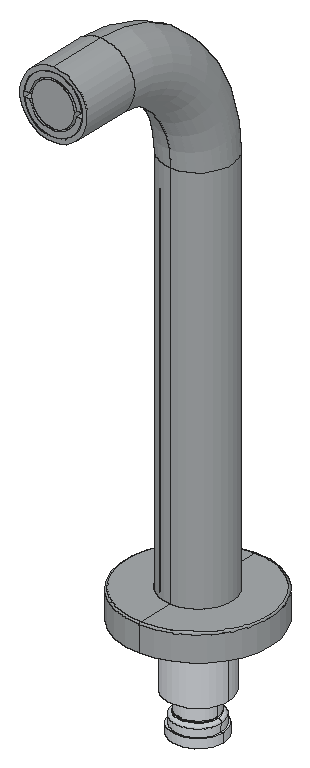
Revit family "Reece_Tap_Sussex_Scala_Curved_Wall Basin Outlet_25 mm", category Plumbing Fixtures, host Face, Revit 2018
Family settings
  Host = Face
  Round Connector Dimension = Use Diameter
  Part Type = Normal
  Cut with Voids When Loaded = No
  Shared = Yes
  Room Calculation Point = Yes
Parameters (values of type "200 mm_6 Star_Brushed Stainless Steel")
  URL = "https://www.reece.com.au/product/-2284798"
  Type Comments = "Tap"
  Reece_Product_Web Page = "https://www.reece.com.au/product/-2284798"
  Reece_Product_Type = "Tap"  # constant formula
  Reece_Product_Sub Brand = "Scala"  # constant formula
  Reece_Product_Number = "2284798"
  Reece_Product_Mount = "Wall Mounted"
  Reece_Product_Description = "Sussex Scala 25mm Wall Outlet Curved 200mm 316 Stainless Steel (6 Star)"
  WFU = 0  # constant formula
  Reece_Tap_Reach = 200 mm
  Reece_Tap_Inlet = 12 mm  # constant formula
  Reece_Tap_Clearance = 67 mm  # constant formula
  Reece_Product_Brand = "Sussex"  # constant formula
  Reece_Overall_Length = Reece_Tap_Reach + 12.5 mm  # 212.5 mm
  Reece_Overall_Diameter = 54 mm  # constant formula
  Reece_Material_Main = Reece_Metal_Brushed Stainless Steel
  Reece_Detail_Shape = "Curved"  # constant formula
  Reece_Detail_Disclaimer = "THIS FILE IS THE PROPERTY OF THE REECE GROUP. IT MAY NOT BE REPRODUCED, REVERSE-ENGINEERED OR MODIFIED. ANY REPUBLICATION, TRANSMISSION OR DISTRIBUTION FOR THE PURPOSE OF COMMERCIALLY EXPLOITING THE FILES IS PROHIBITED."  # constant formula
  Reece_Detail_Additional = "Wall Basin Outlet"  # constant formula
  Reece_Backplate_Thickness = 10 mm  # constant formula
  Model = "Scala"
  Manufacturer = "Sussex"
  Keynote = "Product #2284798, Reece_Tap_Sussex_Scala_Curved_Wall Basin Outlet_25 mm - 200 mm_6 Star_Brushed Stainless Steel"
  HWFU = 0  # constant formula
  Disclaimer = "THIS FILE IS THE PROPERTY OF THE REECE GROUP. IT MAY NOT BE REPRODUCED, REVERSE-ENGINEERED OR MODIFIED. ANY REPUBLICATION, TRANSMISSION OR DISTRIBUTION FOR THE PURPOSE OF COMMERCIALLY EXPLOITING THE FILES IS PROHIBITED."  # constant formula
  Description = "Scala 25mm Wall Outlet Curved 200mm 316 Stainless Steel (6 Star)"
  Default Elevation = 1000 mm
  CWFU = 0  # constant formula
Types (36, lengths in mm): name | URL | Reece_Product_Web Page | Reece_Product_Number | Reece_Product_Description | Reece_Tap_Reach | Reece_Overall_Length | Reece_Material_Main | Keynote | Description
  160 mm_6 Star_Brushed Stainless Steel | "https://www.reece.com.au/product/-2284797" | "https://www.reece.com.au/product/-2284797" | "2284797" | "Sussex Scala 25mm Wall Outlet Curved 160mm 316 Stainless Steel (6 Star)" | 160 | 172.5 | Reece_Brass_Brushed Stainless Steel | "Product #2284797, Reece_Tap_Sussex_Scala_Curved_Wall Basin Outlet_25 mm - 160 mm_6 Star_Brushed Stainless Steel" | "Scala 25mm Wall Outlet Curved 160mm 316 Stainless Steel (6 Star)"
  200 mm_6 Star_Brushed Stainless Steel | "https://www.reece.com.au/product/-2284798" | "https://www.reece.com.au/product/-2284798" | "2284798" | "Sussex Scala 25mm Wall Outlet Curved 200mm 316 Stainless Steel (6 Star)" | 200 | 212.5 | Reece_Metal_Brushed Stainless Steel | "Product #2284798, Reece_Tap_Sussex_Scala_Curved_Wall Basin Outlet_25 mm - 200 mm_6 Star_Brushed Stainless Steel" | "Scala 25mm Wall Outlet Curved 200mm 316 Stainless Steel (6 Star)"
  250 mm_6 Star_Brushed Stainless Steel | "https://www.reece.com.au/product/-2284799" | "https://www.reece.com.au/product/-2284799" | "2284799" | "Sussex Scala 25mm Wall Outlet Curved 250mm 316 Stainless Steel (6 Star)" | 250 | 262.5 | Reece_Metal_Brushed Stainless Steel | "Product #2284799, Reece_Tap_Sussex_Scala_Curved_Wall Basin Outlet_25 mm - 250 mm_6 Star_Brushed Stainless Steel" | "Scala 25mm Wall Outlet Curved 250mm 316 Stainless Steel (6 Star)"
  160 mm_3 Star_Brushed Gunmetal | "https://www.reece.com.au/product/-2263735" | "https://www.reece.com.au/product/-2263735" | "2263735" | "Sussex Scala 25mm Wall Outlet Curved 160mm Brushed Gunmetal (3 Star)" | 160 | 172.5 | Reece_Brass_Brushed Gunmetal | "Product #2263735, Reece_Tap_Sussex_Scala_Curved_Wall Basin Outlet_25 mm - 160 mm_3 Star_Brushed Gunmetal" | "Scala 25mm Wall Outlet Curved 160mm Brushed Gunmetal (3 Star)"
  160 mm_6 Star_Brushed Nickel | "https://www.reece.com.au/product/-226006" | "https://www.reece.com.au/product/-226006" | "226006" | "Sussex Scala 25mm Wall Outlet Curved 160mm Brushed Nickel (6 Star)" | 160 | 172.5 | Reece_Brass_Brushed Nickel | "Product #226006, Reece_Tap_Sussex_Scala_Curved_Wall Basin Outlet_25 mm - 160 mm_6 Star_Brushed Nickel" | "Scala 25mm Wall Outlet Curved 160mm Brushed Nickel (6 Star)"
  160 mm_3 Star_Chrome | "https://www.reece.com.au/product/-2262370" | "https://www.reece.com.au/product/-2262370" | "2262370" | "Sussex Scala 25mm Wall Outlet Curved 160mm Chrome (3 Star)" | 160 | 172.5 | Reece_Brass_Chrome | "Product #2262370, Reece_Tap_Sussex_Scala_Curved_Wall Basin Outlet_25 mm - 160 mm_3 Star_Chrome" | "Scala 25mm Wall Outlet Curved 160mm Chrome (3 Star)"
  160 mm_6 Star_Chrome | "https://www.reece.com.au/product/-2262992" | "https://www.reece.com.au/product/-2262992" | "2262992" | "Sussex Scala 25mm Wall Outlet Curved 160mm Chrome (6 Star)" | 160 | 172.5 | Reece_Brass_Chrome | "Product #2262992, Reece_Tap_Sussex_Scala_Curved_Wall Basin Outlet_25 mm - 160 mm_6 Star_Chrome" | "Scala 25mm Wall Outlet Curved 160mm Chrome (6 Star)"
  160 mm_6 Star_Living Rustic Bronze | "https://www.reece.com.au/product/-2299568" | "https://www.reece.com.au/product/-2299568" | "2299568" | "Sussex Scala 25mm Wall Outlet Curved 160mm Living Rustic Bronze (6 Star)" | 160 | 172.5 | Reece_Metal_Bronze_Living Rustic | "Product #2299568, Reece_Tap_Sussex_Scala_Curved_Wall Basin Outlet_25 mm - 160 mm_6 Star_Living Rustic Bronze" | "Scala 25mm Wall Outlet Curved 160mm Living Rustic Bronze (6 Star)"
  160 mm_6 Star_Living Tumbled Brass | "https://www.reece.com.au/product/-2264097" | "https://www.reece.com.au/product/-2264097" | "2264097" | "Sussex Scala 25mm Wall Outlet Curved 160mm Living Tumbled Brass (6 Star)" | 160 | 172.5 | Reece_Brass_Living Tumbled | "Product #2264097, Reece_Tap_Sussex_Scala_Curved_Wall Basin Outlet_25 mm - 160 mm_6 Star_Living Tumbled Brass" | "Scala 25mm Wall Outlet Curved 160mm Living Tumbled Brass (6 Star)"
  160 mm_3 Star_PVD Brushed Platinum Gold | "https://www.reece.com.au/product/-2268320" | "https://www.reece.com.au/product/-2268320" | "2268320" | "Sussex Scala 25mm Wall Outlet Curved 160mm LUX PVD Brushed Platinum Gold (3 Star)" | 160 | 172.5 | Reece_PVD_Brushed_Platinum Gold | "Product #2268320, Reece_Tap_Sussex_Scala_Curved_Wall Basin Outlet_25 mm - 160 mm_3 Star_PVD Brushed Platinum Gold" | "Scala 25mm Wall Outlet Curved 160mm LUX PVD Brushed Platinum Gold (3 Star)"
  160 mm_6 Star_PVD Brushed Platinum Gold | "https://www.reece.com.au/product/-2268323" | "https://www.reece.com.au/product/-2268323" | "2268323" | "Sussex Scala 25mm Wall Outlet Curved 160mm LUX PVD Brushed Platinum Gold (6 Star)" | 160 | 172.5 | Reece_PVD_Brushed_Platinum Gold | "Product #2268323, Reece_Tap_Sussex_Scala_Curved_Wall Basin Outlet_25 mm - 160 mm_6 Star_PVD Brushed Platinum Gold" | "Scala 25mm Wall Outlet Curved 160mm LUX PVD Brushed Platinum Gold (6 Star)"
  160 mm_6 Star_Matte Black | "https://www.reece.com.au/product/-2263792" | "https://www.reece.com.au/product/-2263792" | "2263792" | "Sussex Scala 25mm Wall Outlet Curved 160mm Matte Black (6 Star)" | 160 | 172.5 | Reece_Brass_Matte Black | "Product #2263792, Reece_Tap_Sussex_Scala_Curved_Wall Basin Outlet_25 mm - 160 mm_6 Star_Matte Black" | "Scala 25mm Wall Outlet Curved 160mm Matte Black (6 Star)"
  160 mm_3 Star_Satin Chrome | "https://www.reece.com.au/product/-2262977" | "https://www.reece.com.au/product/-2262977" | "2262977" | "Sussex Scala 25mm Wall Outlet Curved 160mm Satin Chrome (3 Star)" | 160 | 172.5 | Reece_Metal_Chrome_Satin | "Product #2262977, Reece_Tap_Sussex_Scala_Curved_Wall Basin Outlet_25 mm - 160 mm_3 Star_Satin Chrome" | "Scala 25mm Wall Outlet Curved 160mm Satin Chrome (3 Star)"
  250 mm_3 Star_Brushed Gunmetal | "https://www.reece.com.au/product/-2263737" | "https://www.reece.com.au/product/-2263737" | "2263737" | "Sussex Scala 25mm Wall Outlet Curved 250mm Brushed Gunmetal (3 Star)" | 250 | 262.5 | Reece_Brass_Brushed Gunmetal | "Product #2263737, Reece_Tap_Sussex_Scala_Curved_Wall Basin Outlet_25 mm - 250 mm_3 Star_Brushed Gunmetal" | "Scala 25mm Wall Outlet Curved 250mm Brushed Gunmetal (3 Star)"
  250 mm_3 Star_Brushed Nickel | "https://www.reece.com.au/product/-2263739" | "https://www.reece.com.au/product/-2263739" | "2263739" | "Sussex Scala 25mm Wall Outlet Curved 250mm Brushed Nickel (3 Star)" | 250 | 262.5 | Reece_Brass_Brushed Nickel | "Product #2263739, Reece_Tap_Sussex_Scala_Curved_Wall Basin Outlet_25 mm - 250 mm_3 Star_Brushed Nickel" | "Scala 25mm Wall Outlet Curved 250mm Brushed Nickel (3 Star)"
  250 mm_3 Star_Chrome | "https://www.reece.com.au/product/-2262372" | "https://www.reece.com.au/product/-2262372" | "2262372" | "Sussex Scala 25mm Wall Outlet Curved 250mm Chrome (3 Star)" | 250 | 262.5 | Reece_Brass_Chrome | "Product #2262372, Reece_Tap_Sussex_Scala_Curved_Wall Basin Outlet_25 mm - 250 mm_3 Star_Chrome" | "Scala 25mm Wall Outlet Curved 250mm Chrome (3 Star)"
  250 mm_6 Star_Chrome | "https://www.reece.com.au/product/-2262994" | "https://www.reece.com.au/product/-2262994" | "2262994" | "Sussex Scala 25mm Wall Outlet Curved 250mm Chrome (6 Star)" | 250 | 262.5 | Reece_Brass_Chrome | "Product #2262994, Reece_Tap_Sussex_Scala_Curved_Wall Basin Outlet_25 mm - 250 mm_6 Star_Chrome" | "Scala 25mm Wall Outlet Curved 250mm Chrome (6 Star)"
  250 mm_6 Star_Living Rustic Bronze | "https://www.reece.com.au/product/-2299566" | "https://www.reece.com.au/product/-2299566" | "2299566" | "Sussex Scala 25mm Wall Outlet Curved 250mm Living Rustic Bronze (6 Star)" | 250 | 262.5 | Reece_Metal_Bronze_Living Rustic | "Product #2299566, Reece_Tap_Sussex_Scala_Curved_Wall Basin Outlet_25 mm - 250 mm_6 Star_Living Rustic Bronze" | "Scala 25mm Wall Outlet Curved 250mm Living Rustic Bronze (6 Star)"
  250 mm_3 Star_PVD Brushed Platinum Gold | "https://www.reece.com.au/product/-2268322" | "https://www.reece.com.au/product/-2268322" | "2268322" | "Sussex Scala 25mm Wall Outlet Curved 250mm LUX PVD Brushed Platinum Gold (3 Star)" | 250 | 262.5 | Reece_PVD_Brushed_Platinum Gold | "Product #2268322, Reece_Tap_Sussex_Scala_Curved_Wall Basin Outlet_25 mm - 250 mm_3 Star_PVD Brushed Platinum Gold" | "Scala 25mm Wall Outlet Curved 250mm LUX PVD Brushed Platinum Gold (3 Star)"
  250 mm_6 Star_PVD Brushed Platinum Gold | "https://www.reece.com.au/product/-2268325" | "https://www.reece.com.au/product/-2268325" | "2268325" | "Sussex Scala 25mm Wall Outlet Curved 250mm LUX PVD Brushed Platinum Gold (6 Star)" | 250 | 262.5 | Reece_PVD_Brushed_Platinum Gold | "Product #2268325, Reece_Tap_Sussex_Scala_Curved_Wall Basin Outlet_25 mm - 250 mm_6 Star_PVD Brushed Platinum Gold" | "Scala 25mm Wall Outlet Curved 250mm LUX PVD Brushed Platinum Gold (6 Star)"
  250 mm_3 Star_Satin Chrome | "https://www.reece.com.au/product/-2262979" | "https://www.reece.com.au/product/-2262979" | "2262979" | "Sussex Scala 25mm Wall Outlet Curved 250mm Satin Chrome (3 Star)" | 250 | 262.5 | Reece_Brass_Satin Chrome | "Product #2262979, Reece_Tap_Sussex_Scala_Curved_Wall Basin Outlet_25 mm - 250 mm_3 Star_Satin Chrome" | "Scala 25mm Wall Outlet Curved 250mm Satin Chrome (3 Star)"
  200 mm_6 Star_Brushed Brass Gold | "https://www.reece.com.au/product/-2223770" | "https://www.reece.com.au/product/-2223770" | "2223770" | "Sussex Scala 25mm Wall Outlet Curved 200mm Brushed Brass Gold (6 Star)" | 200 | 212.5 | Reece_Brass_Brushed Gold | "Product #2223770, Reece_Tap_Sussex_Scala_Curved_Wall Basin Outlet_25 mm - 200 mm_6 Star_Brushed Brass Gold" | "Scala 25mm Wall Outlet Curved 200mm Brushed Brass Gold (6 Star)"
  200 mm_3 Star_Brushed Gunmetal | "https://www.reece.com.au/product/-2263736" | "https://www.reece.com.au/product/-2263736" | "2263736" | "Sussex Scala 25mm Wall Outlet Curved 200mm Brushed Gunmetal (3 Star)" | 200 | 212.5 | Reece_Brass_Brushed Gunmetal | "Product #2263736, Reece_Tap_Sussex_Scala_Curved_Wall Basin Outlet_25 mm - 200 mm_3 Star_Brushed Gunmetal" | "Scala 25mm Wall Outlet Curved 200mm Brushed Gunmetal (3 Star)"
  200 mm_6 Star_Brushed Gunmetal | "https://www.reece.com.au/product/-2263180" | "https://www.reece.com.au/product/-2263180" | "2263180" | "Sussex Scala 25mm Wall Outlet Curved 200mm Brushed Gunmetal (6 Star)" | 200 | 212.5 | Reece_Brass_Brushed Gunmetal | "Product #2263180, Reece_Tap_Sussex_Scala_Curved_Wall Basin Outlet_25 mm - 200 mm_6 Star_Brushed Gunmetal" | "Scala 25mm Wall Outlet Curved 200mm Brushed Gunmetal (6 Star)"
  200 mm_3 Star_Brushed Nickel | "https://www.reece.com.au/product/-226007" | "https://www.reece.com.au/product/-226007" | "226007" | "Sussex Scala 25mm Wall Outlet Curved 200mm Brushed Nickel (3 Star)" | 200 | 212.5 | Reece_Brass_Brushed Nickel | "Product #226007, Reece_Tap_Sussex_Scala_Curved_Wall Basin Outlet_25 mm - 200 mm_3 Star_Brushed Nickel" | "Scala 25mm Wall Outlet Curved 200mm Brushed Nickel (3 Star)"
  200 mm_6 Star_Brushed Nickel | "https://www.reece.com.au/product/-2281357" | "https://www.reece.com.au/product/-2281357" | "2281357" | "Sussex Scala 25mm Wall Outlet Curved 200mm Brushed Nickel (6 Star)" | 200 | 212.5 | Reece_Brass_Brushed Nickel | "Product #2281357, Reece_Tap_Sussex_Scala_Curved_Wall Basin Outlet_25 mm - 200 mm_6 Star_Brushed Nickel" | "Scala 25mm Wall Outlet Curved 200mm Brushed Nickel (6 Star)"
  200 mm_3 Star_Chrome | "https://www.reece.com.au/product/-2262371" | "https://www.reece.com.au/product/-2262371" | "2262371" | "Sussex Scala 25mm Wall Outlet Curved 200mm Chrome (3 Star)" | 200 | 212.5 | Reece_Brass_Chrome | "Product #2262371, Reece_Tap_Sussex_Scala_Curved_Wall Basin Outlet_25 mm - 200 mm_3 Star_Chrome" | "Scala 25mm Wall Outlet Curved 200mm Chrome (3 Star)"
  200 mm_6 Star_Chrome | "https://www.reece.com.au/product/-2262993" | "https://www.reece.com.au/product/-2262993" | "2262993" | "Sussex Scala 25mm Wall Outlet Curved 200mm Chrome (6 Star)" | 200 | 212.5 | Reece_Brass_Chrome | "Product #2262993, Reece_Tap_Sussex_Scala_Curved_Wall Basin Outlet_25 mm - 200 mm_6 Star_Chrome" | "Scala 25mm Wall Outlet Curved 200mm Chrome (6 Star)"
  200 mm_6 Star_Living Rustic Bronze | "https://www.reece.com.au/product/-2299567" | "https://www.reece.com.au/product/-2299567" | "2299567" | "Sussex Scala 25mm Wall Outlet Curved 200mm Living Rustic Bronze (6 Star)" | 200 | 212.5 | Reece_Metal_Bronze_Living Rustic | "Product #2299567, Reece_Tap_Sussex_Scala_Curved_Wall Basin Outlet_25 mm - 200 mm_6 Star_Living Rustic Bronze" | "Scala 25mm Wall Outlet Curved 200mm Living Rustic Bronze (6 Star)"
  200 mm_6 Star_Living Tumbled Brass | "https://www.reece.com.au/product/-2263183" | "https://www.reece.com.au/product/-2263183" | "2263183" | "Sussex Scala 25mm Wall Outlet Curved 200mm Living Tumbled Brass (6 Star)" | 200 | 212.5 | Reece_Brass_Living Tumbled | "Product #2263183, Reece_Tap_Sussex_Scala_Curved_Wall Basin Outlet_25 mm - 200 mm_6 Star_Living Tumbled Brass" | "Scala 25mm Wall Outlet Curved 200mm Living Tumbled Brass (6 Star)"
  200 mm_3 Star_PVD Brushed Platinum Gold | "https://www.reece.com.au/product/-2268321" | "https://www.reece.com.au/product/-2268321" | "2268321" | "Sussex Scala 25mm Wall Outlet Curved 200mm LUX PVD Brushed Platinum Gold (3 Star)" | 200 | 212.5 | Reece_PVD_Brushed_Platinum Gold | "Product #2268321, Reece_Tap_Sussex_Scala_Curved_Wall Basin Outlet_25 mm - 200 mm_3 Star_PVD Brushed Platinum Gold" | "Scala 25mm Wall Outlet Curved 200mm LUX PVD Brushed Platinum Gold (3 Star)"
  200 mm_6 Star_PVD Brushed Platinum Gold | "https://www.reece.com.au/product/-2268324" | "https://www.reece.com.au/product/-2268324" | "2268324" | "Sussex Scala 25mm Wall Outlet Curved 200mm LUX PVD Brushed Platinum Gold (6 Star)" | 200 | 212.5 | Reece_PVD_Brushed_Platinum Gold | "Product #2268324, Reece_Tap_Sussex_Scala_Curved_Wall Basin Outlet_25 mm - 200 mm_6 Star_PVD Brushed Platinum Gold" | "Scala 25mm Wall Outlet Curved 200mm LUX PVD Brushed Platinum Gold (6 Star)"
  200 mm_3 Star_Matte Black | "https://www.reece.com.au/product/-2263421" | "https://www.reece.com.au/product/-2263421" | "2263421" | "Sussex Scala 25mm Wall Outlet Curved 200mm Matte Black (3 Star)" | 200 | 212.5 | Reece_Brass_Matte Black | "Product #2263421, Reece_Tap_Sussex_Scala_Curved_Wall Basin Outlet_25 mm - 200 mm_3 Star_Matte Black" | "Scala 25mm Wall Outlet Curved 200mm Matte Black (3 Star)"
  200 mm_6 Star_Matte Black | "https://www.reece.com.au/product/-2263181" | "https://www.reece.com.au/product/-2263181" | "2263181" | "Sussex Scala 25mm Wall Outlet Curved 200mm Matte Black (6 Star)" | 200 | 212.5 | Reece_Brass_Matte Black | "Product #2263181, Reece_Tap_Sussex_Scala_Curved_Wall Basin Outlet_25 mm - 200 mm_6 Star_Matte Black" | "Scala 25mm Wall Outlet Curved 200mm Matte Black (6 Star)"
  200 mm_6 Star_Matte White | "https://www.reece.com.au/product/-2263793" | "https://www.reece.com.au/product/-2263793" | "2263793" | "Sussex Scala 25mm Wall Outlet Curved 200mm Matte White (6 Star)" | 200 | 212.5 | Reece_Brass_Matte White | "Product #2263793, Reece_Tap_Sussex_Scala_Curved_Wall Basin Outlet_25 mm - 200 mm_6 Star_Matte White" | "Scala 25mm Wall Outlet Curved 200mm Matte White (6 Star)"
  200 mm_3 Star_Satin Chrome | "https://www.reece.com.au/product/-2262978" | "https://www.reece.com.au/product/-2262978" | "2262978" | "Sussex Scala 25mm Wall Outlet Curved 200mm Satin Chrome (3 Star)" | 200 | 212.5 | Reece_Brass_Satin Chrome | "Product #2262978, Reece_Tap_Sussex_Scala_Curved_Wall Basin Outlet_25 mm - 200 mm_3 Star_Satin Chrome" | "Scala 25mm Wall Outlet Curved 200mm Satin Chrome (3 Star)"
Reference planes
  plane 1 "Center (Front/Back)": y = 0
  plane 2: z = 0
  plane 3 "Center (Left/Right)": x = 0
  plane 4: z = 200
  plane 5: y = -67
  plane 6: z = 212.5
  plane 7: x = -12.5
  plane 8: x = 12.5
  plane 9: x = -27
  plane 10: x = 27
  plane 11: z = 10
Forms (mm)
  Revolve 1, void
    sketch origin (0, 0, 39.453) x (0, 1, 0) y (0, 0, 1)
      loop
        line (-15, -39.453) -> (-15, -79.453) -> (0, -79.453) -> (0, -39.453) -> (-15, -39.453)
      axis (0, -39.453) -> (0, -79.453)
    angle from 0 to 360
  Revolve 2, solid
    sketch origin (128.901, 0, 1219.2) x (1, 0, 0) y (0, 0, 1)
      loop
        line (-130.291, -1261.136) -> (-128.901, -1261.136) -> (-128.901, -1219.2) -> (-140.374, -1219.2) -> (-140.374, -1242.939) -> (-136.181, -1242.939) -> (-136.181, -1249.636) -> (-135.615, -1250.202) -> (-136.415, -1250.202)
        arc (-136.415, -1250.202) -> (-137.255, -1250.55) -> (-137.603, -1251.39) r 1.188
        line (-137.603, -1251.39) -> (-137.603, -1254.152) -> (-138.403, -1254.152) -> (-138.403, -1257.398) -> (-132.464, -1257.398) -> (-130.291, -1261.136)
      axis (-128.901, -1219.2) -> (-128.901, -1261.136)
    angle from 0 to 360
Text (mm)
  text "Reece Copyright © 2018, Reece Ltd." at (-602.372, -347.279, 0), in view "Ref. Level"
  text "Reece ©" at (-7.653, 198.338, 183.77), in view "Reece Preview"
Dimensions and locks
  "Reece_Tap_Reach": plane 4 to host face
  "Reece_Overall_Length": plane 6 to plane 2
  "Reece_Tap_Clearance": plane 1 "Center (Front/Back)" to plane 5
  plane 7 to plane 8 = 25 mm
  "Reece_Overall_Diameter": plane 9 to plane 10
  "Reece_Backplate_Thickness": plane 11 to plane 2
  aligned and locked: host face to plane 2
  aligned and locked: level to host face
  aligned and locked: Revolve 1 sketch curve to Revolve 1 sketch curve
Automatic sketch dimensions
  host sketch curve to host sketch curve = 481.758 mm
  host sketch curve to host sketch curve = 479.681 mm
  Revolve 1 sketch curve to level = 0 mm
  Revolve 1 sketch curve to plane 1 "Center (Front/Back)" = 0 mm
  Revolve 1 sketch curve to Revolve 1 sketch curve = 40 mm
  Revolve 1 sketch curve to Revolve 1 sketch curve = 261.356 mm
  plane 6 to Revolve 1 sketch curve = 1631.607 mm
  Revolve 2 sketch curve to level = 0 mm
  Revolve 2 sketch curve to plane 3 "Center (Left/Right)" = 0 mm
  plane 3 "Center (Left/Right)" to Revolve 2 sketch curve = 0 mm
  Revolve 2 sketch curve to plane 3 "Center (Left/Right)" = 1.39 mm
  Revolve 2 sketch curve to plane 3 "Center (Left/Right)" = 3.563 mm
  Revolve 2 sketch curve to plane 3 "Center (Left/Right)" = 6.714 mm
  Revolve 2 sketch curve to Revolve 2 sketch curve = 0.566 mm  (x2)
  Revolve 2 sketch curve to Revolve 2 sketch curve = 0.8 mm  (x2)
  Revolve 2 sketch curve to Revolve 2 sketch curve = 1.188 mm
  Revolve 2 sketch curve to Revolve 2 sketch curve = 4.194 mm
  Revolve 2 sketch curve to level = 23.739 mm
  Revolve 2 sketch curve to Revolve 2 sketch curve = 6.697 mm
  Revolve 2 sketch curve to Revolve 2 sketch curve = 2.762 mm
  Revolve 2 sketch curve to Revolve 2 sketch curve = 3.246 mm
  Revolve 2 sketch curve to Revolve 2 sketch curve = 3.739 mm
  Revolve 2 sketch curve to Revolve 2 sketch curve = 0.681 mm
  level to Revolve 2 sketch curve = 8.93 mm
  plane 1 "Center (Front/Back)" to Revolve 1 sketch curve = 15 mm
Nested families
  nested 1: "Reece_Tap_Sussex_Scala_Curved_25 mm_Nested" at (0, 0, 0), Reece_Material_Main <- "Reece_Material_Main", Reece_Backplate_Thickness <- "Reece_Backplate_Thickness", Reece_Tap_Clearance <- "Reece_Tap_Clearance", Reece_Tap_Reach <- "Reece_Tap_Reach", type "Reece_Tap_Sussex_Scala_Curved_25 mm_Nested"
    with Reece_Tap_Reach 200 mm, Reece_Tap_Clearance 67 mm, Reece_Overall_Length 212.5 mm, Reece_Material_Main Reece_Metal_Brushed Stainless Steel, Reece_Backplate_Thickness 10 mm
Connectors
  piping at (0, 0, -38.198), diameter 12, driven by "Reece_Tap_Inlet"
    settings: on Revolve 2, index 1, connector inside diameter 609.6 mm, connector length 0 mm, flow factor 0, pipe flow 0.0 L/s, pressure drop 0.0 Pa, fitting loss kfactor 0, connector angle 0.00°, fixture units 0, engagement length 0 mm, angle of deflection 0.00°, flow configuration 0, flow direction 1, fitting loss method 0, system type 29, joint type 0, gender type 0, connector reference index -1, connector utility 0, adjustable connector no, is connector primary yes, connector description ""
Definition of nested family "Reece_Tap_Sussex_Scala_Curved_25 mm_Nested"
  Parameters (values of type "Reece_Tap_Sussex_Scala_Curved_25 mm_Nested")
    Waste Connection = no
    WFU = 0
    Vent Connection = no
    URL = ""
    Type Comments = ""
    Reece_Tap_Reach [instance] = 250 mm
    Reece_Tap_Clearance [instance] = 67 mm
    Reece_Overall_Length [instance] = Reece_Tap_Reach + 12.5 mm  # 262.5 mm
    Reece_Material_Main [instance] = none
    Reece_Backplate_Thickness [instance] = 5 mm
    Model = ""
    Manufacturer = ""
    Keynote = ""
    HWFU = 0
    HW Connection = no
    Description = ""
    Default Elevation = 1000 mm
    Cost = 0
    CWFU = 0
    CW Connection = no
    Assembly Code = ""
  Reference planes
    plane 1 "Center (Front/Back)": y = 0
    plane 2 "Bottom": z = 0
    plane 3 "Center (Left/Right)": x = 0
    plane 4: z = 250
    plane 5: y = -67
    plane 6: z = 262.5
    plane 7: y = 60
    plane 8: x = -27
    plane 9: x = 27
    plane 10: x = -12.5
    plane 11: x = 12.5
    plane 12: y = -30
    plane 13: z = 5
  Forms (mm)
    Extrusion 1, solid
      sketch origin (609.2, -664.2, 0) x (1, 0, 0) y (0, 1, 0)
        loop
          line (-752.93, 779.2) -> (-752.93, 516.941) -> (-456.669, 516.941) -> (-456.669, 779.2) -> (-752.93, 779.2)
      from 0 to -9.564
    Revolve 2, solid, material <- "Reece_Material_Main"
      sketch origin (0, 0, 0) x (0, 1, 0) y (0, 0, 1)
        loop
          line (0, 0) -> (0, 8.917) -> (-12.8, 8.917) -> (-12.8, 10) -> (-26.4, 10)
          arc (-26.4, 10) -> (-26.824, 9.824) -> (-27, 9.4) r 0.6
          line (-27, 9.4) -> (-27, 0) -> (0, 0)
        axis (0, 10) -> (0, 0)
      angle from 0 to 360
    Sweep 3, solid, material <- "Reece_Material_Main"
      path origin (0, 0, 0) x (0, 1, 0) y (0, 0, 1)
        loop
          line (0, 8.917) -> (0, 205)
          arc (0, 205) -> (-13.18, 236.82) -> (-45, 250) r 45
          line (-45, 250) -> (-67, 250)
      profile origin (0, 0, 106.959) x (0, -1, 0) y (1, 0, 0)
        loop
          circle (0, 0) r 12.5
        loop
          circle (0, 0) r 10.9
    Extrusion 4, solid, material <- "Reece_Material_Main"
      sketch origin (0, 0, 0) x (1, 0, 0) y (0, 0, 1)
        loop
          circle (0, 250) r 7.879
        loop
          line (-10.621, 251) -> (-8.61, 251)
          arc (-8.61, 251) -> (0, 258.668) -> (8.61, 251) r 8.668
          line (8.61, 251) -> (10.621, 251)
          arc (10.621, 251) -> (0, 260.668) -> (-10.621, 251) r 10.668
        loop
          arc (-10.621, 249) -> (0, 239.332) -> (10.621, 249) r 10.668
          line (10.621, 249) -> (8.61, 249)
          arc (8.61, 249) -> (0, 241.332) -> (-8.61, 249) r 8.668
          line (-8.61, 249) -> (-10.621, 249)
      from 64.455 to 67
    Extrusion 5, solid, material <- "Reece_Material_Main"
      sketch origin (0, 0, 0) x (1, 0, 0) y (0, 0, 1)
        loop
          circle (0, 250) r 10.668
      from 62.863 to 64.455
  Cuts and joins
    joined: Revolve 2, Extrusion 4, Extrusion 5
  Text (mm)
    text "Reece Copyright © 2018, Reece Ltd." at (-168.326, -191.773, 0), in view "Ref. Level"
    text "Reece ©" at (44.384, 258.95, 192.345), in view "Reece Preview"
  Dimensions and locks
    "Reece_Tap_Reach": plane 4 to plane 2 "Bottom"
    "Reece_Overall_Length": plane 6 to plane 2 "Bottom"
    "Reece_Tap_Clearance": plane 1 "Center (Front/Back)" to plane 5
    plane 8 to plane 9 = 54 mm
    plane 6 to plane 4 = 12.5 mm
    plane 10 to plane 11 = 25 mm
    plane 5 to plane 1 "Center (Front/Back)" = 67 mm
    plane 1 "Center (Front/Back)" to plane 12 = 30 mm
    "Reece_Backplate_Thickness": plane 13 to plane 2 "Bottom"
    aligned and locked: plane 2 "Bottom" to Extrusion 1
    aligned and locked: level to Extrusion 1
    aligned and locked: plane 1 "Center (Front/Back)" to Sweep 3 sketch curve
    aligned and locked: Sweep 3 sketch curve to plane 4
  Automatic sketch dimensions
    Extrusion 1 sketch curve to Extrusion 1 sketch curve = 296.261 mm
    Extrusion 1 sketch curve to Extrusion 1 sketch curve = 262.259 mm
    level to Revolve 2 sketch curve = 0 mm
    Revolve 2 sketch curve to plane 1 "Center (Front/Back)" = 0 mm  (x2)
    plane 1 "Center (Front/Back)" to Revolve 2 sketch curve = 12.8 mm
    Revolve 2 sketch curve to Revolve 2 sketch curve = 13.6 mm
    Revolve 2 sketch curve to Revolve 2 sketch curve = 0.6 mm
    level to Revolve 2 sketch curve = 8.917 mm
    Revolve 2 sketch curve to Revolve 2 sketch curve = 9.4 mm
    Revolve 2 sketch curve to level = 12.434 mm
    Revolve 2 sketch curve to Revolve 2 sketch curve = 2.566 mm
    Sweep 3 sketch curve to plane 5 = 0 mm
    Sweep 3 sketch curve to Sweep 3 sketch curve = 22 mm
    level to Sweep 3 sketch curve = 8.917 mm
    Sweep 3 sketch curve to Sweep 3 sketch curve = 0 mm  (x2)
    Sweep 3 sketch curve to plane 3 "Center (Left/Right)" = 0 mm
    Sweep 3 sketch curve to profile plane = 0 mm
    Extrusion 4 sketch curve to Extrusion 4 sketch curve = 0 mm  (x23)
    Extrusion 4 sketch curve to plane 3 "Center (Left/Right)" = 0 mm
    Extrusion 4 sketch curve to plane 4 = 0 mm
    Extrusion 4 sketch curve to plane 4 = 1 mm  (x2)
    Extrusion 4 sketch curve to plane 10 = 3.89 mm
    Extrusion 4 sketch curve to plane 10 = 1.879 mm
    Extrusion 4 sketch curve to plane 11 = 1.879 mm
    plane 4 to Extrusion 4 sketch curve = 1 mm  (x2)
    Extrusion 5 sketch curve to plane 3 "Center (Left/Right)" = 0 mm
    Extrusion 5 sketch curve to plane 4 = 0 mm
    radius of Sweep 3 sketch curve = 12.5 mm
    radius of Sweep 3 sketch curve = 10.9 mm
    radius of Extrusion 4 sketch curve = 7.879 mm
    radius of Extrusion 5 sketch curve = 10.668 mm
